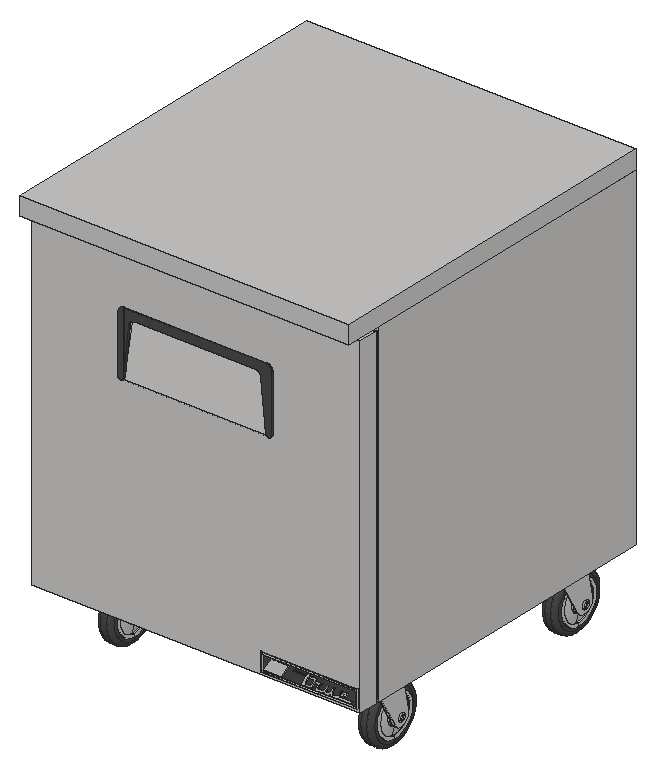
Revit family "QF_TRUE_TUC-27F-HC_cat", category Specialty Equipment, Revit 2016
Family settings
  Part Type = Normal
  Round Connector Dimension = Use Diameter
  Work Plane-Based = No
  Always vertical = Yes
  Cut with Voids When Loaded = No
  Shared = Yes
  Room Calculation Point = No
Parameters
  Weight in Pounds = 190
  Watts = FL Amps * Volts  # 230 W
  Volts = 115 V
  URL Manufacturer = "www.truemfg.com"
  URL = "www.truemfg.com"
  Type Mark [instance] = ""
  Status [instance] = ""
  Specification by User [instance] = ""
  Specification by Manufacturer = ""
  Show Seismic Flanged [instance] = no
  Show Low Profile Model [instance] = no
  Show Logo [instance] = yes
  Show Legs [instance] = no
  Show Clearance [instance] = yes
  Show Default Model [instance] = and(not(Show Seismic Flanged), not(Show ADA Compliant Model), not(Show Low Profile Model), not(Show Legs))  # yes
  Show ADA Compliant Model [instance] = no
  Serial Number = ""
  Seismic Rating = ""
  Seismic Plate [instance] = and(not(Show Default Model), Show Seismic Flanged)  # no
  SMACNA No = ""
  Revision Code [instance] = ""
  Phase = 1
  Omniclass Number and Title = ""
  Number of Poles [instance] = 1
  NAFEM Spec ID Number = ""
  Model = "TUC-27F-HC"
  Min Ckt Ampacity = 0 A
  Max Overcurrent Protection = 0 A
  MasterSpec. = ""
  Manufacturer = "TRUE"
  Low Profile [instance] = and(not(Show Default Model), Show Low Profile Model)  # no
  Length = 27 9/16"
  Legs [instance] = and(not(Show Default Model), or(Show Legs, Show Seismic Flanged))  # no
  Item Number [instance] = ""
  Installed By [instance] = ""
  Identify Quantity as Lot [instance] = yes
  Height = 35 15/16"
  HP = "1/4"
  Furnished By [instance] = ""
  Foodservice Equipment Identifier [instance] = yes
  FL Amps = 2 A
  Electrical Remarks [instance] = ""
  Electric Connection Type [instance] = ""
  Elec Conn RI Height [instance] = 0"
  Elec Conn Connection Height [instance] = 0"
  Description = "SOLID DOOR FREEZER WITH HYDROCARBON REFRIGERANT"
  Depth = 30 1/8"
  Cycle = 60 Hz
  Conn Plug = "NEMA 5-15P"
  Conn Conduit = yes
  CSI MasterFormat = ""
  CSI Master Format = ""
  Base Height [instance] = if(Show Default Model, 6 3/16", if(Legs, 6", if(ADA Compliant Model, 4 1/4", if(Show Low Profile Model, 2 1/8", 6 67/256"))))  # 6 3/16"
  Apparent Power = if(Phase = 3, Volts * FL Amps * 1.73, Volts * FL Amps)  # 230 VA
  ADA Compliant Model [instance] = and(not(Show Default Model), Show ADA Compliant Model)  # no
Reference planes (in)
  plane 1 "BACK": y = -16.5
  plane 2: z = 0
  plane 3 "LEFT": x = 0
  plane 4 "RIGHT": x = 27.5625
  plane 5 "FRONT": y = -47.625
  plane 6 "TOP": z = 35.9375
  plane 7: z = 6.1875
  plane 8: y = -72.40625
  plane 9: y = -46.65748
  plane 10: y = -17.5
  plane 11: y = -21.74082
  plane 12: x = 13.8125
  plane 13: y = -41.06531
Dimensions and locks (in)
  "Length": plane 3 "LEFT" to plane 4 "RIGHT"
  "Depth": plane 5 "FRONT" to plane 10
  "Base Height": plane 7 to level
  plane 1 "BACK" to plane 8 = 55 29/32"
  plane 9 to plane 5 "FRONT" = 0.96752"
  plane 10 to plane 9 = 29.15748"
  plane 4 "RIGHT" to plane 3 "LEFT" = 27 9/16"
  plane 4 "RIGHT" to nested 1 to nested 1 = 8.2372", 7 7/8"
  plane 7 to nested 1 = 1.69291"
  nested 1 to plane 7 = 1.69291"
  plane 8 to plane 5 "FRONT" to plane 10 to plane 1 "BACK" = 24 25/32", 30 1/8", 1"
  plane 8 to plane 1 "BACK" = 55 29/32"
  locked: plane 6 "TOP" to plane 7 at 29.75
  plane 6 "TOP" to level = 35 15/16"
  plane 1 "BACK" to plane 10 = 1"
  aligned and locked: level to plane 2
  aligned and locked: plane 3 "LEFT" to nested 1
  aligned and locked: plane 7 to nested 1
  aligned and locked: nested 1 to plane 7
Nested families (in)
  nested 1: "TUC-27F-HC-LD" at (0, 0, 2.1875), Show Logo <- "Show Logo", Show Clearance <- "Show Clearance", Show Casters <- "Show ADA Compliant Model", type "TUC-27F-HC-LD"
    with Show Logo yes, Show Clearance yes, Show Casters no
  nested 2: "CASTERS & LEGS" at (2.84375, -21.74082, 0), Legs <- "Legs", Seismic Plate <- "Seismic Plate", Show 4.25" Casters <- "ADA Compliant Model", type "CASTERS & LEGS"
    with Type Mark "", Status "", Specification by User "", Show 4.25" Casters no, Seismic Plate no, Revision Code "", Legs no, Item Number "", Installed By "", Identify Quantity as Lot yes, Furnished By "", Foodservice Equipment Identifier yes
  nested 3: "CASTERS & LEGS" at (24.71875, -21.74082, 0), Legs <- "Legs", Seismic Plate <- "Seismic Plate", Show 4.25" Casters <- "ADA Compliant Model", type "CASTERS & LEGS"
    with Type Mark "", Status "", Specification by User "", Show 4.25" Casters no, Seismic Plate no, Revision Code "", Legs no, Item Number "", Installed By "", Identify Quantity as Lot yes, Furnished By "", Foodservice Equipment Identifier yes
  nested 4: "CASTERS & LEGS" at (24.71875, -41.06531, 0), Legs <- "Legs", Seismic Plate <- "Seismic Plate", Show 4.25" Casters <- "ADA Compliant Model", type "CASTERS & LEGS"
    with Type Mark "", Status "", Specification by User "", Show 4.25" Casters no, Seismic Plate no, Revision Code "", Legs no, Item Number "", Installed By "", Identify Quantity as Lot yes, Furnished By "", Foodservice Equipment Identifier yes
  nested 5: "CASTERS & LEGS" at (2.84375, -41.06531, 0), Legs <- "Legs", Seismic Plate <- "Seismic Plate", Show 4.25" Casters <- "ADA Compliant Model", type "CASTERS & LEGS"
    with Type Mark "", Status "", Specification by User "", Show 4.25" Casters no, Seismic Plate no, Revision Code "", Legs no, Item Number "", Installed By "", Identify Quantity as Lot yes, Furnished By "", Foodservice Equipment Identifier yes
  nested 6: "6 INCHES 02_CASTER" at (2.84375, -41.06531, 0), Show Casters <- "Show Default Model", type "6 INCHES 02_CASTER"
    with Type Mark "", Specification by User "", Show Casters yes, Revision Code "", Item Number "", Installed By "", Identify Quantity as Lot yes, Furnished By "", Foodservice Equipment Identifier yes
  nested 7: "6 INCHES 02_CASTER" at (2.84375, -21.74082, 0), Show Casters <- "Show Default Model", type "6 INCHES 02_CASTER"
    with Type Mark "", Specification by User "", Show Casters yes, Revision Code "", Item Number "", Installed By "", Identify Quantity as Lot yes, Furnished By "", Foodservice Equipment Identifier yes
  nested 8: "6 INCHES 02_CASTER" at (24.71875, -41.06531, 0), Show Casters <- "Show Default Model", type "6 INCHES 02_CASTER"
    with Type Mark "", Specification by User "", Show Casters yes, Revision Code "", Item Number "", Installed By "", Identify Quantity as Lot yes, Furnished By "", Foodservice Equipment Identifier yes
  nested 9: "6 INCHES 02_CASTER" at (24.71875, -21.74082, 0), Show Casters <- "Show Default Model", type "6 INCHES 02_CASTER"
    with Type Mark "", Specification by User "", Show Casters yes, Revision Code "", Item Number "", Installed By "", Identify Quantity as Lot yes, Furnished By "", Foodservice Equipment Identifier yes
  nested 10: "LOW PROFILE CASTERS" at (2.84375, -21.74082, 0), Show Casters <- "Low Profile", type "LOW PROFILE CASTERS"
    with Type Mark "", Status "", Specification by User "", Show Casters no, Revision Code "", Item Number "", Installed By "", Identify Quantity as Lot yes, Furnished By "", Foodservice Equipment Identifier yes
  nested 11: "LOW PROFILE CASTERS" at (24.71875, -41.06531, 0), Show Casters <- "Low Profile", type "LOW PROFILE CASTERS"
    with Type Mark "", Status "", Specification by User "", Show Casters no, Revision Code "", Item Number "", Installed By "", Identify Quantity as Lot yes, Furnished By "", Foodservice Equipment Identifier yes
  nested 12: "LOW PROFILE CASTERS" at (2.84375, -41.06531, 0), Show Casters <- "Low Profile", type "LOW PROFILE CASTERS"
    with Type Mark "", Status "", Specification by User "", Show Casters no, Revision Code "", Item Number "", Installed By "", Identify Quantity as Lot yes, Furnished By "", Foodservice Equipment Identifier yes
  nested 13: "LOW PROFILE CASTERS" at (24.71875, -21.74082, 0), Show Casters <- "Low Profile", type "LOW PROFILE CASTERS"
    with Type Mark "", Status "", Specification by User "", Show Casters no, Revision Code "", Item Number "", Installed By "", Identify Quantity as Lot yes, Furnished By "", Foodservice Equipment Identifier yes
Connectors (in)
  electrical at (24.12821, -17.4375, 11.9375), driven by "Volts", driven by "Watts"
    settings: on nested 1, index 1, voltage 115 V, apparent load 230 VA, apparent load phase1 0 VA, apparent load phase2 0 VA, apparent load phase3 0 VA, power factor 1, load classification "Other", number of poles 1, system type 30, power factor state 1, is connector primary yes, connector utility no, sub classification motor no, connector description "ELECTRICAL CONNECTION"
Definition of nested family "TUC-27F-HC-LD"
  Parameters (values of type "TUC-27G-HC-LD-SPEC1")
    URL = ""
    Show Logo [instance] = yes
    Show Clearance [instance] = yes
    Show Casters [instance] = yes
    Model = ""
    Manufacturer = ""
    Description = ""
    Assembly Code = ""
  Reference planes (in)
    plane 1 "BACK": y = -16.5
    plane 2: z = 0
    plane 3 "LEFT": x = 0
    plane 4 "RIGHT": x = 27.6378
    plane 5 "FRONT": y = -48.19291
    plane 6 "TOP": z = 33.76378
    plane 7: z = 4
    plane 8: y = -41.06531
    plane 9: x = 13.8125
    plane 10: y = -17.5
    plane 11: y = -47.625
    plane 12: y = -49.49213
    plane 13: y = -72.625
    plane 14: z = 27.63
    plane 15: z = 22.15093
  Forms (in)
    Extrusion 1, solid
      sketch origin (0, -1, -2.25) x (0, 1, 0) y (0, 0, 1)
        loop
          line (-46.625, 36.01378) -> (-46.625, 34.5) -> (-16.5, 34.5) -> (-16.5, 36.01378) -> (-46.625, 36.01378)
      from 0 to 27.6378
    Extrusion 2, solid
      sketch origin (0, -1, -2.25) x (0, 1, 0) y (0, 0, 1)
        loop
          line (-18.5, 34.5) -> (-18.5, 6.25) -> (-16.5, 6.25) -> (-16.5, 34.5) -> (-18.5, 34.5)
      from 0 to 27.6378
    Extrusion 3, solid
      sketch origin (0, -13.375, -2.25) x (1, 0, 0) y (0, 0, 1)
        loop
          line (27.625, 6.25) -> (27.625, 34.28323) -> (0, 34.28323) -> (0, 6.25) -> (27.625, 6.25)
      from 31.44201 to 33.06791
    Extrusion 4, solid
      sketch origin (0, -16.5, -2.25) x (1, 0, 0) y (0, 0, 1)
        loop
          line (11.4503, 6.25) -> (11.4503, 4.55709) -> (19.3253, 4.55709) -> (19.3253, 6.25) -> (11.4503, 6.25)
      from 1.69409 to 25.59055
    Extrusion 5, solid
      sketch origin (-1.16554, -17.4375, -2.25) x (1, 0, 0) y (0, 0, 1)
        loop
          circle (25.29375, 12) r 0.25
      from 0 to 0.0625
    Revolve 6, solid
      sketch origin (0, -16.5155, 21) x (1, 0, 0) y (0, 1, 0)
        loop
          line (21.85203, -1.00812) -> (22.32078, -1.00812) -> (22.32078, 0.0155) -> (21.85203, 0.0155) -> (21.85203, -1.00812)
        axis (21.85203, -1.00812) -> (21.85203, 0.0155)
      angle from 0 to 360
    Revolve 7, solid
      sketch origin (-12.93057, -16.5155, 21) x (1, 0, 0) y (0, 1, 0)
        loop
          line (18.64104, -1.00812) -> (19.10979, -1.00812) -> (19.10979, 0.0155) -> (18.64104, 0.0155) -> (18.64104, -1.00812)
        axis (18.64104, -1.00812) -> (18.64104, 0.0155)
      angle from 0 to 360
    Extrusion 8, solid, visible <- "Show Clearance", detail levels coarse
      sketch origin (17.8682, -37.72639, 0) x (-1, 0, 0) y (0, -1, 0)
        loop
          line (-9.7568, 8.71653) -> (17.83136, 8.71653)
          arc (17.83136, 8.71653) -> (9.26611, 27.32206) -> (-9.7568, 34.91535) r 27.625
          line (-9.7568, 34.91535) -> (-9.7568, 8.71653)
      from 4 to 32.03323
    Extrusion 9, solid
      sketch origin (0, -13.375, -2.25) x (1, 0, 0) y (0, 0, 1)
        loop
          line (27.6378, 6.25) -> (27.6378, 34.5) -> (0, 34.5) -> (0, 6.25) -> (27.6378, 6.25)
        loop
          line (2, 32.28323) -> (2, 8.25) -> (25.625, 8.25) -> (25.625, 32.28323) -> (2, 32.28323)
      from 6.125 to 31.12
    Extrusion 10, solid
      sketch origin (0, -13.375, -2.25) x (1, 0, 0) y (0, 0, 1)
        loop
          line (27.5, 34.15823) -> (0.16184, 34.15823) -> (0.16184, 6.375) -> (27.5, 6.375) -> (27.5, 34.15823)
        loop
          line (1.875, 32.40823) -> (1.875, 8.125) -> (25.75, 8.125) -> (25.75, 32.40823) -> (1.875, 32.40823)
      from 31.44201 to 31.12
    Extrusion 11, void
      sketch origin (13.8125, -13.85001, 48) x (0, -1, 0) y (0, 0, 1)
        loop
          line (32.59291, -20.37) -> (31.52391, -20.37) -> (32.59291, -25.84907) -> (32.59291, -20.37)
      from -6 to 6
    Extrusion 12, solid
      sketch origin (1.8125, -46.44291, 0) x (1, 0, 0) y (0, 0, 1)
        loop
          line (5.52833, 27.13) -> (5.52833, 22.36054)
          arc (5.52833, 22.36054) -> (5.74774, 22.11831) -> (6.01044, 22.31274) r 0.24342
          line (6.01044, 22.31274) -> (6.44945, 26.42717)
          arc (6.44945, 26.42717) -> (6.61215, 26.74648) -> (6.94671, 26.87491) r 0.5
          line (6.94671, 26.87491) -> (17.05329, 26.87491)
          arc (17.05329, 26.87491) -> (17.38785, 26.74648) -> (17.55055, 26.42717) r 0.5
          line (17.55055, 26.42717) -> (17.98956, 22.31274)
          arc (17.98956, 22.31274) -> (18.25226, 22.11831) -> (18.47166, 22.36054) r 0.24342
          line (18.47166, 22.36054) -> (18.47166, 27.13)
          arc (18.47166, 27.13) -> (18.32522, 27.48356) -> (17.97166, 27.63) r 0.5
          line (17.97166, 27.63) -> (6.02833, 27.63)
          arc (6.02833, 27.63) -> (5.67478, 27.48356) -> (5.52833, 27.13) r 0.5
      from 0 to 0.0625
  Cuts and joins
    joined: Extrusion 2, Extrusion 9
    Extrusion 11 cuts Extrusion 3
    Extrusion 11 cuts Extrusion 8
  Lines and regions (in)
    symbolic lines
      curve 1: line (5.24172, -16.5, 0) -> (6.17922, -16.5, 0)
      curve 2: line (6.17922, -16.5, 0) -> (6.17922, -17.52362, 0)
      curve 3: line (5.24172, -16.5, 0) -> (5.24172, -17.52362, 0)
      curve 4: line (22.32078, -16.5, 0) -> (21.38328, -16.5, 0)
      curve 5: line (21.38328, -16.5, 0) -> (21.38328, -17.52362, 0)
      curve 6: line (22.32078, -16.5, 0) -> (22.32078, -17.52362, 0)
      curve 7: line (27.6378, -47.625, 0) -> (0, -47.625, 0)
      curve 8: line (27.6378, -17.5, 0) -> (27.6378, -47.625, 0)
      curve 9: line (0, -17.5, 0) -> (27.6378, -17.5, 0)
      curve 10: line (0, -47.625, 0) -> (0, -17.5, 0)
      curve 11: line (0.5, -47.625, 0) -> (0.5, -48.19291, 0)
      curve 12: line (0.5, -48.19291, 0) -> (1.5, -48.19291, 0)
      curve 13: line (1.5, -48.19291, 0) -> (1.5, -47.625, 0)
      curve 14: line (4.34253, -59.88506, 0) -> (25.57757, -47.625, 0)
      curve 15: arc (0.12341, -47.625, 0) -> (1.5035, -54.00606, 0) -> (4.34253, -59.88506, 0) r 27.625
  Dimensions and locks (in)
    plane 3 "LEFT" to plane 4 "RIGHT" = 27.6378"
    plane 4 "RIGHT" to plane 3 "LEFT" = 27.6378"
    plane 6 "TOP" to level = 33.76378"
    plane 5 "FRONT" to plane 1 "BACK" = 31.69291"
    plane 7 to level = 4"
    locked: plane 6 "TOP" to plane 7 at 29.76378  (x2)
    plane 4 "RIGHT" to Extrusion 4 to Extrusion 4 = 8 5/16", 7 7/8"
    plane 11 to plane 10 to plane 1 "BACK" = 30 1/8", 1"
    plane 13 to plane 1 "BACK" = 56 1/8"
    Extrusion 4 to plane 3 "LEFT" = 19.3253"
    Extrusion 4 sketch curve to plane 4 "RIGHT" = 8 5/16"
    plane 13 to plane 11 = 25"
    plane 10 to plane 11 = 30 1/8"
    plane 1 "BACK" to plane 13 = 56 1/8"
    aligned and locked: level to plane 2
    aligned and locked: plane 4 "RIGHT" to Extrusion 1
    aligned and locked: Extrusion 4 to Extrusion 3
  Nested families (in)
    nested 1: "QF_LOGO_TRUE" at (19.3253, -46.44291, 4.25), Show Logo <- "Show Logo", type "QF_LOGO_TRUE", detail levels medium+fine
      with Show Logo yes
  Definition of nested family "QF_LOGO_TRUE"
    Parameters (values of type "QF_LOGO_TRUE")
      Show Logo [instance] = yes
    Reference planes (in)
      plane 1 "Center (Front/Back)": y = 0
      plane 2: z = 0
      plane 3 "Center (Left/Right)": x = 0
    Forms (in)
      Extrusion 1, solid, visible <- "Show Logo"
        sketch origin (-78.34647, 34.76905, -30.51001) x (1, 0, 0) y (0, 0, 1)
          loop
            line (81.15226, 31.65456) -> (81.07353, 31.48573) -> (82.12083, 31.48573)
            arc (82.12083, 31.48573) -> (82.14208, 31.44814) -> (82.12083, 31.41055) r 0.04386
            line (82.12083, 31.41055) -> (81.84767, 30.82478)
            arc (81.84767, 30.82478) -> (81.84531, 30.77052) -> (81.882, 30.73048) r 0.07096
            line (81.882, 30.73048) -> (82.55165, 30.73048)
            arc (82.55165, 30.73048) -> (82.63621, 30.75714) -> (82.69019, 30.82748) r 0.14742
            line (82.69019, 30.82748) -> (82.90515, 31.28847) -> (83.10265, 31.28847)
            arc (83.10265, 31.28847) -> (83.15447, 31.26942) -> (83.14697, 31.21472) r 0.04405
            line (83.14697, 31.21472) -> (82.9671, 30.82899)
            arc (82.9671, 30.82899) -> (82.9699, 30.76493) -> (83.02398, 30.73048) r 0.06943
            line (83.02398, 30.73048) -> (83.6124, 30.73048)
            arc (83.6124, 30.73048) -> (83.65748, 30.74689) -> (83.68147, 30.78844) r 0.07014
            arc (83.68147, 30.78844) -> (83.69845, 30.74745) -> (83.73943, 30.73048) r 0.05796
            line (83.73943, 30.73048) -> (84.112, 30.73048)
            arc (84.112, 30.73048) -> (84.15504, 30.74201) -> (84.18655, 30.77352) r 0.08608
            arc (84.18655, 30.77352) -> (84.20164, 30.7371) -> (84.23806, 30.72202) r 0.0515
            line (84.23806, 30.72202) -> (84.76757, 30.72202)
            arc (84.76757, 30.72202) -> (84.81086, 30.73995) -> (84.8288, 30.78324) r 0.06122
            arc (84.8288, 30.78324) -> (84.86848, 30.74355) -> (84.92269, 30.72903) r 0.10842
            line (84.92269, 30.72903) -> (85.91461, 30.72903) -> (86.02479, 30.91987) -> (85.0243, 30.91987)
            arc (85.0243, 30.91987) -> (84.99669, 30.93902) -> (84.99566, 30.97261) r 0.03732
            line (84.99566, 30.97261) -> (85.01297, 31.00972)
            arc (85.01297, 31.00972) -> (85.03954, 31.04453) -> (85.0813, 31.05774) r 0.07263
            line (85.0813, 31.05774) -> (85.40289, 31.05774)
            arc (85.40289, 31.05774) -> (85.4723, 31.07633) -> (85.52311, 31.12715) r 0.13882
            line (85.52311, 31.12715) -> (85.61625, 31.28847)
            arc (85.61625, 31.28847) -> (85.61625, 31.37458) -> (85.54168, 31.41763) r 0.08611
            line (85.54168, 31.41763) -> (85.20227, 31.41763)
            arc (85.20227, 31.41763) -> (85.11574, 31.40294) -> (85.05538, 31.33923) r 0.13863
            line (85.05538, 31.33923) -> (84.89409, 30.99333)
            arc (84.89409, 30.99333) -> (84.84649, 30.9313) -> (84.77191, 30.90778) r 0.13002
            line (84.77191, 30.90778) -> (84.41984, 30.90778)
            arc (84.41984, 30.90778) -> (84.3777, 30.95378) -> (84.38042, 31.0161) r 0.08151
            line (84.38042, 31.0161) -> (84.56766, 31.41763) -> (84.44849, 31.41763) -> (84.25012, 30.99222)
            arc (84.25012, 30.99222) -> (84.21158, 30.94199) -> (84.15119, 30.92296) r 0.10527
            line (84.15119, 30.92296) -> (83.90842, 30.92296)
            arc (83.90842, 30.92296) -> (83.8674, 30.97642) -> (83.87619, 31.04323) r 0.08805
            line (83.87619, 31.04323) -> (84.05078, 31.41763) -> (83.92772, 31.41763) -> (83.72676, 30.98668)
            arc (83.72676, 30.98668) -> (83.68011, 30.94003) -> (83.61639, 30.92296) r 0.12745
            line (83.61639, 30.92296) -> (83.26484, 30.92296)
            arc (83.26484, 30.92296) -> (83.2017, 30.9524) -> (83.19563, 31.0218) r 0.06967
            line (83.19563, 31.0218) -> (83.31118, 31.26961) -> (83.47452, 31.26961)
            arc (83.47452, 31.26961) -> (83.50209, 31.35268) -> (83.56075, 31.41763) r 0.21289
            line (83.56075, 31.41763) -> (82.92244, 31.41763)
            arc (82.92244, 31.41763) -> (82.85151, 31.40191) -> (82.80242, 31.34834) r 0.12081
            line (82.80242, 31.34834) -> (82.6294, 30.9773)
            arc (82.6294, 30.9773) -> (82.58962, 30.93752) -> (82.53528, 30.92296) r 0.10869
            line (82.53528, 30.92296) -> (82.1542, 30.92296)
            arc (82.1542, 30.92296) -> (82.12446, 30.96315) -> (82.13012, 31.01283) r 0.06822
            line (82.13012, 31.01283) -> (82.38156, 31.48573) -> (83.01596, 31.48573) -> (83.09469, 31.65456) -> (82.46029, 31.65456) -> (82.53902, 31.8234) -> (82.31334, 31.8234) -> (82.23461, 31.65456) -> (81.15226, 31.65456)
          loop
            arc (85.15937, 31.26434) -> (85.13191, 31.25698) -> (85.1118, 31.23688) r 0.05494
            line (85.1118, 31.23688) -> (85.09547, 31.18665)
            arc (85.09547, 31.18665) -> (85.10304, 31.16837) -> (85.12133, 31.16079) r 0.02586
            line (85.12133, 31.16079) -> (85.39889, 31.16079)
            arc (85.39889, 31.16079) -> (85.41888, 31.16523) -> (85.43513, 31.1777) r 0.04731
            line (85.43513, 31.1777) -> (85.44863, 31.2402)
            arc (85.44863, 31.2402) -> (85.44466, 31.25693) -> (85.42914, 31.26434) r 0.01994
            line (85.42914, 31.26434) -> (85.15937, 31.26434)
          loop
            line (78.62961, 30.74125) -> (80.12032, 30.74125) -> (80.73891, 31.81268) -> (79.2482, 31.81268) -> (78.62961, 30.74125)
        from 34.76797 to 34.83173
      Extrusion 2, solid, visible <- "Show Logo"
        sketch origin (-142.84857, 34.75108, -33.3546) x (1, 0, 0) y (0, 0, 1)
          loop
            line (150.81107, 34.71978) -> (142.98607, 34.71978) -> (142.98607, 33.4921) -> (150.81107, 33.4921) -> (150.81107, 34.71978)
        from 34.75108 to 34.78125
      Extrusion 3, solid, visible <- "Show Logo"
        sketch origin (-142.84857, 34.75108, -33.3546) x (1, 0, 0) y (0, 0, 1)
          loop
            line (150.94857, 34.85727) -> (142.84857, 34.85727) -> (142.84857, 33.3546) -> (150.94857, 33.3546) -> (150.94857, 34.85727)
          loop
            line (142.98607, 34.71978) -> (142.98607, 33.4921) -> (150.81107, 33.4921) -> (150.81107, 34.71978) -> (142.98607, 34.71978)
        from 34.75108 to 34.81376
      Extrusion 4, solid, not visible
        sketch origin (121.45701, -16.5, 4.98235) x (1, 0, 0) y (0, 0, 1)
          loop
            line (25.20115, 35.89949) -> (25.20115, 33.96647) -> (30.95381, 33.96647) -> (30.95381, 35.89949) -> (25.20115, 35.89949)
        from 31.5 to 31.54261
      Extrusion 5, solid, not visible
        sketch origin (121.45701, -16.5, 4.98235) x (1, 0, 0) y (0, 0, 1)
          loop
            line (26.7387, 34.95472) -> (26.61492, 34.49276) -> (27.038, 34.49276)
            arc (27.038, 34.49276) -> (27.13117, 34.52484) -> (27.18485, 34.60749) r 0.15134
            arc (27.18485, 34.60749) -> (27.20396, 34.68138) -> (27.22435, 34.75493) r 4.37326
            arc (27.22435, 34.75493) -> (27.23458, 34.81765) -> (27.22435, 34.88037) r 0.1974
            arc (27.22435, 34.88037) -> (27.18247, 34.93579) -> (27.11563, 34.95472) r 0.10914
            line (27.11563, 34.95472) -> (26.7387, 34.95472)
          loop
            line (26.90201, 34.80638) -> (26.84645, 34.59903) -> (26.92855, 34.59903)
            arc (26.92855, 34.59903) -> (26.98205, 34.6185) -> (27.01051, 34.6678) r 0.08322
            line (27.01051, 34.6678) -> (27.02399, 34.74424)
            arc (27.02399, 34.74424) -> (27.01491, 34.78454) -> (26.97985, 34.80638) r 0.05353
            line (26.97985, 34.80638) -> (26.90201, 34.80638)
          loop
            line (27.45336, 34.66131) -> (27.76233, 34.66131) -> (27.78859, 34.73909)
            arc (27.78859, 34.73909) -> (27.7878, 34.82039) -> (27.73107, 34.87864) r 0.10925
            arc (27.73107, 34.87864) -> (27.68233, 34.8944) -> (27.63139, 34.89974) r 0.24595
            line (27.63139, 34.89974) -> (27.46708, 34.89974)
            arc (27.46708, 34.89974) -> (27.4068, 34.88073) -> (27.3535, 34.84677) r 0.2421
            arc (27.3535, 34.84677) -> (27.2897, 34.76363) -> (27.26702, 34.66131) r 0.2421
            line (27.26702, 34.66131) -> (27.26702, 34.54477)
            arc (27.26702, 34.54477) -> (27.31618, 34.4956) -> (27.38334, 34.47761) r 0.13431
            line (27.38334, 34.47761) -> (27.59054, 34.47761)
            arc (27.59054, 34.47761) -> (27.63459, 34.48281) -> (27.67622, 34.49812) r 0.18924
            line (27.67622, 34.49812) -> (27.73102, 34.61563)
            arc (27.73102, 34.61563) -> (27.68453, 34.59565) -> (27.63566, 34.58252) r 0.35376
            arc (27.63566, 34.58252) -> (27.55885, 34.56956) -> (27.48204, 34.58252) r 0.23415
            arc (27.48204, 34.58252) -> (27.44492, 34.61362) -> (27.45336, 34.66131) r 0.04838
          loop
            line (27.4842, 34.73042) -> (27.62012, 34.73042) -> (27.62621, 34.76496)
            arc (27.62621, 34.76496) -> (27.58961, 34.80242) -> (27.53739, 34.80638) r 0.0742
            arc (27.53739, 34.80638) -> (27.49747, 34.77773) -> (27.4842, 34.73042) r 0.0742
          loop
            line (27.91616, 34.97572) -> (27.78675, 34.49276) -> (27.98645, 34.49276) -> (28.11586, 34.97572) -> (27.91616, 34.97572)
          loop
            line (28.13678, 34.66131) -> (28.08755, 34.47761) -> (28.27134, 34.47761) -> (28.32056, 34.66131) -> (28.43674, 34.66131) -> (28.47974, 34.78864) -> (28.36519, 34.78864)
            arc (28.36519, 34.78864) -> (28.35733, 34.81649) -> (28.36921, 34.84288) r 0.04231
            arc (28.36921, 34.84288) -> (28.431, 34.8652) -> (28.49617, 34.85686) r 0.13988
            line (28.49617, 34.85686) -> (28.53544, 34.97317)
            arc (28.53544, 34.97317) -> (28.39725, 34.99096) -> (28.25905, 34.97317) r 0.54546
            arc (28.25905, 34.97317) -> (28.20849, 34.91994) -> (28.18197, 34.85147) r 0.1894
            line (28.18197, 34.85147) -> (28.17089, 34.78864) -> (28.11397, 34.78864) -> (28.07985, 34.66131) -> (28.13678, 34.66131)
          loop
            arc (28.74846, 34.89756) -> (28.65884, 34.88533) -> (28.56922, 34.89756) r 0.33455
            line (28.56922, 34.89756) -> (28.45669, 34.47761) -> (28.63593, 34.47761) -> (28.74846, 34.89756)
          loop
            arc (28.60398, 35.01195) -> (28.57699, 34.97173) -> (28.60398, 34.9315) r 0.04347
            line (28.60398, 34.9315) -> (28.75755, 34.9315)
            arc (28.75755, 34.9315) -> (28.78645, 34.96687) -> (28.77911, 35.01195) r 0.0556
            line (28.77911, 35.01195) -> (28.60398, 35.01195)
          loop
            line (28.95336, 34.66131) -> (29.26233, 34.66131) -> (29.28859, 34.73909)
            arc (29.28859, 34.73909) -> (29.2878, 34.82039) -> (29.23107, 34.87864) r 0.10925
            arc (29.23107, 34.87864) -> (29.18233, 34.8944) -> (29.13139, 34.89974) r 0.24595
            line (29.13139, 34.89974) -> (28.96708, 34.89974)
            arc (28.96708, 34.89974) -> (28.9068, 34.88073) -> (28.8535, 34.84677) r 0.2421
            arc (28.8535, 34.84677) -> (28.7897, 34.76363) -> (28.76702, 34.66131) r 0.2421
            line (28.76702, 34.66131) -> (28.76702, 34.54477)
            arc (28.76702, 34.54477) -> (28.81618, 34.4956) -> (28.88334, 34.47761) r 0.13431
            line (28.88334, 34.47761) -> (29.09054, 34.47761)
            arc (29.09054, 34.47761) -> (29.13459, 34.48281) -> (29.17622, 34.49812) r 0.18924
            line (29.17622, 34.49812) -> (29.23102, 34.61563)
            arc (29.23102, 34.61563) -> (29.18453, 34.59565) -> (29.13566, 34.58252) r 0.35376
            arc (29.13566, 34.58252) -> (29.05885, 34.56956) -> (28.98204, 34.58252) r 0.23415
            arc (28.98204, 34.58252) -> (28.94492, 34.61362) -> (28.95336, 34.66131) r 0.04838
          loop
            line (28.9842, 34.73042) -> (29.12012, 34.73042) -> (29.12621, 34.76496)
            arc (29.12621, 34.76496) -> (29.08961, 34.80242) -> (29.03739, 34.80638) r 0.0742
            arc (29.03739, 34.80638) -> (28.99747, 34.77773) -> (28.9842, 34.73042) r 0.0742
          loop
            line (29.41616, 34.97572) -> (29.28675, 34.49276) -> (29.48645, 34.49276) -> (29.61586, 34.97572) -> (29.41616, 34.97572)
          loop
            line (29.99836, 34.97572) -> (29.95192, 34.80242)
            arc (29.95192, 34.80242) -> (29.94473, 34.85705) -> (29.90102, 34.89059) r 0.07199
            arc (29.90102, 34.89059) -> (29.80023, 34.89941) -> (29.70251, 34.87322) r 0.29131
            arc (29.70251, 34.87322) -> (29.61806, 34.7652) -> (29.5896, 34.63108) r 0.30433
            line (29.5896, 34.63108) -> (29.5896, 34.55572)
            arc (29.5896, 34.55572) -> (29.61075, 34.50463) -> (29.66184, 34.48348) r 0.07224
            line (29.66184, 34.48348) -> (29.78537, 34.48348)
            arc (29.78537, 34.48348) -> (29.83854, 34.51313) -> (29.88504, 34.55243) r 0.31609
            line (29.88504, 34.55243) -> (29.86905, 34.49276) -> (30.05973, 34.49276) -> (30.18914, 34.97572) -> (29.99836, 34.97572)
          loop
            arc (29.84537, 34.75931) -> (29.79424, 34.71128) -> (29.77745, 34.64317) r 0.12371
            arc (29.77745, 34.64317) -> (29.80071, 34.59901) -> (29.85056, 34.59647) r 0.05045
            arc (29.85056, 34.59647) -> (29.90141, 34.64047) -> (29.92536, 34.7033) r 0.13769
            arc (29.92536, 34.7033) -> (29.90211, 34.75521) -> (29.84537, 34.75931) r 0.05543
          loop
            line (26.45047, 35.26762) -> (26.58211, 35.26762)
            arc (26.58211, 35.26762) -> (26.60467, 35.30821) -> (26.62126, 35.35157) r 0.3277
            arc (26.62126, 35.35157) -> (26.62714, 35.39992) -> (26.60877, 35.44503) r 0.09693
            arc (26.60877, 35.44503) -> (26.56454, 35.48868) -> (26.50462, 35.50516) r 0.12312
            arc (26.50462, 35.50516) -> (26.44158, 35.50565) -> (26.37854, 35.50546) r 5.76967
            arc (26.37854, 35.50546) -> (26.07462, 35.42923) -> (25.81045, 35.26076) r 0.97743
            line (25.81045, 35.26076) -> (25.85921, 35.26076)
            arc (25.85921, 35.26076) -> (26.08494, 35.39361) -> (26.3396, 35.45485) r 0.88817
            arc (26.3396, 35.45485) -> (26.41429, 35.44188) -> (26.47267, 35.39352) r 0.14748
            arc (26.47267, 35.39352) -> (26.48041, 35.32725) -> (26.45047, 35.26762) r 0.11636
          loop
            arc (26.35412, 35.17841) -> (26.19578, 35.0555) -> (26.00982, 34.98069) r 0.72453
            arc (26.00982, 34.98069) -> (25.9036, 34.95581) -> (25.79459, 34.9604) r 0.40201
            arc (25.79459, 34.9604) -> (25.7275, 34.98819) -> (25.69972, 35.05528) r 0.09488
            arc (25.69972, 35.05528) -> (25.71867, 35.12629) -> (25.77049, 35.17841) r 0.1425
            line (25.77049, 35.17841) -> (25.73665, 35.18748)
            arc (25.73665, 35.18748) -> (25.67632, 35.09876) -> (25.66924, 34.99171) r 0.20432
            arc (25.66924, 34.99171) -> (25.71443, 34.9227) -> (25.79473, 34.90384) r 0.11116
            arc (25.79473, 34.90384) -> (25.91172, 34.89904) -> (26.02716, 34.91862) r 0.56145
            arc (26.02716, 34.91862) -> (26.27675, 35.021) -> (26.49584, 35.17841) r 1.15683
            line (26.49584, 35.17841) -> (26.35412, 35.17841)
        from 31.54261 to 31.56272
    Dimensions and locks (in)
      aligned and locked: level to plane 2
      aligned and locked: Extrusion 2 to Extrusion 3  (x2)
      aligned and locked: Extrusion 2 sketch curve to Extrusion 3
Definition of nested family "6 INCHES 02_CASTER"
  Parameters (values of type "6 INCHES 02_CASTER")
    Weight = ""
    URL Manufacturer = ""
    URL Cutsheet = ""
    URL = ""
    Type Mark [instance] = ""
    Specification by User [instance] = ""
    Specification by Manufacturer = ""
    Show Casters [instance] = yes
    Serial Number = ""
    Seismic Rating = ""
    SMACNA No = ""
    Revision Code [instance] = ""
    Omniclass Number and Title = ""
    NAFEM Spec ID Number = ""
    Model = ""
    MasterSpec. = ""
    Manufacturer = ""
    Item Number [instance] = ""
    Installed By [instance] = ""
    Identify Quantity as Lot [instance] = yes
    Furnished By [instance] = ""
    Foodservice Equipment Identifier [instance] = yes
    Description = ""
    CSI MasterFormat = ""
    CSI Master Format = ""
  Reference planes (in)
    plane 1 "BACK": y = 0
    plane 2: z = 0
    plane 3 "LEFT": x = 0
    plane 4 "RIGHT": x = 0
    plane 5 "FRONT": y = 0
    plane 6 "TOP": z = 6.25
  Forms (in)
    Revolve 1, solid, visible <- "Show Casters"
      sketch origin (-2.21793, 0, -0.25) x (-1, 0, 0) y (0, 0, 1)
        loop
          line (-2.21793, 6) -> (-2.21793, 5.55584) -> (-0.93693, 5.55584) -> (-0.93693, 6) -> (-2.21793, 6)
        axis (-2.21793, 5.55584) -> (-2.21793, 6)
      angle from 0 to 360
    Extrusion 2, solid, visible <- "Show Casters"
      sketch origin (0.25594, 2.08988, -0.1875) x (0, 1, 0) y (0, 0, 1)
        loop
          line (-3.37793, 5.49334) -> (-3.37793, 5.24334) -> (-1.67236, 2.30765)
          arc (-1.67236, 2.30765) -> (-0.65502, 1.97635) -> (-0.25363, 2.96812) r 0.78437
          line (-0.25363, 2.96812) -> (-0.80182, 5.49334) -> (-3.37793, 5.49334)
      from 0.78968 to 0.90247
    Extrusion 3, solid, visible <- "Show Casters"
      sketch origin (0, 0, 5.75) x (0, 1, 0) y (-1, 0, 0)
        loop
          circle (0, 0) r 0.75
      from 0 to 0.5
    Extrusion 4, solid, visible <- "Show Casters"
      sketch origin (-0.25594, 2.08988, -0.1875) x (0, 1, 0) y (0, 0, -1)
        loop
          line (-3.37793, -5.24334) -> (-3.37793, -5.49334) -> (-0.80182, -5.49334) -> (-0.25363, -2.96812)
          arc (-0.25363, -2.96812) -> (-0.65502, -1.97635) -> (-1.67236, -2.30765) r 0.78437
          line (-1.67236, -2.30765) -> (-3.37793, -5.24334)
      from 0.78968 to 0.90247
    Extrusion 5, solid, visible <- "Show Casters"
      sketch origin (0, -0.12806, 0.75) x (0, 1, 0) y (0, 0, 1)
        loop
          line (-1.16, 4.55584) -> (-1.16, 4.30584) -> (1.41611, 4.30584) -> (1.41611, 4.55584) -> (-1.16, 4.55584)
      from -1.04562 to 1.04562
    Revolve 6, solid, visible <- "Show Casters"
      sketch origin (-1.9375, 1.11772, -0.12802) x (1, 0, 0) y (0, 0, 1)
        loop
          line (0.5843, 2.5666) -> (0.5843, 2.4286) -> (0.6343, 2.3786) -> (0.6943, 2.3786) -> (0.6943, 2.2429) -> (1.1725, 2.2429) -> (1.1725, 1.84743) -> (1.30191, 1.77271) -> (1.42647, 1.00302) -> (1.28125, 1.00302) -> (1.28125, 0.75302) -> (1.3125, 0.75302) -> (1.3125, 0.50302)
          arc (1.3125, 0.50302) -> (1.42233, 0.23785) -> (1.6875, 0.12802) r 0.375
          line (1.6875, 0.12802) -> (2.1875, 0.12802)
          arc (2.1875, 0.12802) -> (2.45267, 0.23785) -> (2.5625, 0.50302) r 0.375
          line (2.5625, 0.50302) -> (2.5625, 0.75302) -> (2.59375, 0.75302) -> (2.59375, 1.00302) -> (2.44853, 1.00302) -> (2.57366, 1.77622) -> (2.7025, 1.85061) -> (2.7025, 2.2429) -> (3.1807, 2.2429) -> (3.1807, 2.3786) -> (3.2407, 2.3786) -> (3.2907, 2.4286) -> (3.2907, 2.5666) -> (0.5843, 2.5666)
        axis (0.5843, 2.5666) -> (3.2907, 2.5666)
      angle from 0 to 360
  Cuts and joins
    joined: Extrusion 2, Extrusion 4, Extrusion 5
  Lines and regions (in)
    symbolic lines, visible <- "Show Casters"
      curve 1: line (0.45873, 2.04243, 0) -> (1.54127, 1.41743, 0)
      curve 2: line (-1.54127, -1.42167, 0) -> (-0.79127, -0.12263, 0)
      curve 3: line (-0.45873, -2.04667, 0) -> (-1.54127, -1.42167, 0)
      curve 4: line (1.54127, 1.41743, 0) -> (0.79127, 0.11839, 0)
      curve 5: line (-0.29127, 0.74339, 0) -> (0.45873, 2.04243, 0)
      curve 6: line (0.29127, -0.74763, 0) -> (-0.45873, -2.04667, 0)
  Dimensions and locks (in)
    plane 6 "TOP" to level = 6 1/4"  (x2)
    aligned and locked: level to plane 2
Definition of nested family "CASTERS & LEGS"
  Parameters
    Weight = ""
    URL Manufacturer = ""
    URL Cutsheet = ""
    URL = ""
    Type Mark [instance] = ""
    Status [instance] = ""
    Specification by User [instance] = ""
    Specification by Manufacturer = ""
    Show 4.25" Casters [instance] = yes
    Serial Number = ""
    Seismic Rating = ""
    Seismic Plate [instance] = yes
    SMACNA No = ""
    Revision Code [instance] = ""
    Omniclass Number and Title = ""
    NAFEM Spec ID Number = ""
    Model = ""
    MasterSpec. = ""
    Manufacturer = ""
    Legs [instance] = yes
    Item Number [instance] = ""
    Installed By [instance] = ""
    Identify Quantity as Lot [instance] = yes
    Furnished By [instance] = ""
    Foodservice Equipment Identifier [instance] = yes
    Description = ""
    CSI MasterFormat = ""
    CSI Master Format = ""
    Assembly Code = ""
  Reference planes (in)
    plane 1: z = 0
    plane 2 "RIGHT": x = 0
    plane 3 "FRONT": y = 0
    plane 4 "TOP": z = 4.25
  Forms (in)
    Revolve 1, solid, visible <- "Show 4.25" Casters"
      sketch origin (-1.93794, 0.83816, -1.0041) x (1, 0, 0) y (0, 0, 1)
        loop
          line (0.74055, 2.2541) -> (3.15007, 2.2541) -> (3.15007, 2.3296) -> (3.10007, 2.3796) -> (3.04007, 2.3796) -> (3.04007, 2.49967) -> (2.62438, 2.49967) -> (2.62438, 2.68884) -> (2.48438, 2.76967) -> (2.45908, 2.92597) -> (2.51563, 2.92597) -> (2.51563, 3.16035) -> (2.48438, 3.16035) -> (2.48438, 3.5041) -> (1.375, 3.5041) -> (1.375, 3.16035) -> (1.34375, 3.16035) -> (1.34375, 2.92597) -> (1.4003, 2.92597) -> (1.37557, 2.77318) -> (1.235, 2.69202) -> (1.235, 2.49967) -> (0.85055, 2.49967) -> (0.85055, 2.3796) -> (0.79055, 2.3796) -> (0.74055, 2.3296) -> (0.74055, 2.2541)
        axis (0.74055, 2.2541) -> (3.15007, 2.2541)
      angle from 0 to 360
    Extrusion 2, solid, visible <- "Show 4.25" Casters"
      sketch origin (-1.93794, 1.80294, -2.0666) x (0, 1, 0) y (0, 0, 1)
        loop
          line (-3.08794, 5.65497) -> (-3.08794, 5.00584) -> (-2.69466, 5.00584)
          arc (-2.69466, 5.00584) -> (-1.57175, 4.94895) -> (-0.46376, 4.75787) r 9.36411
          arc (-0.46376, 4.75787) -> (-0.05889, 4.58436) -> (0.28335, 4.30705) r 1.60049
          line (0.28335, 4.30705) -> (0.34449, 4.39437)
          arc (0.34449, 4.39437) -> (0.12713, 4.6163) -> (-0.1239, 4.79931) r 1.8753
          line (-0.1239, 4.79931) -> (-0.05749, 4.91421)
          arc (-0.05749, 4.91421) -> (-0.33807, 5.05694) -> (-0.64294, 5.13542) r 1.44292
          line (-0.64294, 5.13542) -> (-0.64294, 5.65497) -> (-3.08794, 5.65497)
      from 1.1267 to 2.74918
    Revolve 3, solid, visible <- "Show 4.25" Casters"
      sketch origin (0, 2.15543, -2) x (0, 1, 0) y (0, 0, 1)
        loop
          line (-2.21793, 6.25) -> (-2.21793, 5.58837) -> (-1.05793, 5.58837) -> (-1.05793, 6.25) -> (-2.21793, 6.25)
        axis (-2.21793, 5.58837) -> (-2.21793, 6.25)
      angle from 0 to 360
    Extrusion 4, solid, visible <- "Show 4.25" Casters"
      sketch origin (-1.93794, 1.80294, -1.7541) x (0, 1, 0) y (0, 0, 1)
        loop
          line (-3.08794, 5.34247) -> (-3.08794, 4.69334) -> (-2.8913, 4.69334)
          arc (-2.8913, 4.69334) -> (-2.07295, 4.01416) -> (-1.45681, 3.14736) r 4.10005
          arc (-1.45681, 3.14736) -> (-0.85703, 2.75969) -> (-0.4561, 3.35069) r 0.5107
          arc (-0.4561, 3.35069) -> (-0.24532, 3.85516) -> (0.28335, 3.99455) r 0.61749
          line (0.28335, 3.99455) -> (0.34449, 4.08187)
          arc (0.34449, 4.08187) -> (0.12713, 4.3038) -> (-0.1239, 4.48681) r 1.8753
          line (-0.1239, 4.48681) -> (-0.05749, 4.60171)
          arc (-0.05749, 4.60171) -> (-0.33807, 4.74444) -> (-0.64294, 4.82292) r 1.44292
          line (-0.64294, 4.82292) -> (-0.64294, 5.34247) -> (-3.08794, 5.34247)
      from 2.74918 to 2.90825
    Extrusion 5, solid, visible <- "Show 4.25" Casters"
      sketch origin (1.93794, 1.80294, -1.7541) x (0, 1, 0) y (0, 0, -1)
        loop
          arc (-0.4561, -3.35069) -> (-0.85703, -2.75969) -> (-1.45681, -3.14736) r 0.5107
          arc (-1.45681, -3.14736) -> (-2.07295, -4.01416) -> (-2.8913, -4.69334) r 4.10005
          line (-2.8913, -4.69334) -> (-3.08794, -4.69334) -> (-3.08794, -5.34247) -> (-0.64294, -5.34247) -> (-0.64294, -4.82292)
          arc (-0.64294, -4.82292) -> (-0.33807, -4.74444) -> (-0.05749, -4.60171) r 1.44292
          line (-0.05749, -4.60171) -> (-0.1239, -4.48681)
          arc (-0.1239, -4.48681) -> (0.12713, -4.3038) -> (0.34449, -4.08187) r 1.8753
          line (0.34449, -4.08187) -> (0.28335, -3.99455)
          arc (0.28335, -3.99455) -> (-0.24532, -3.85516) -> (-0.4561, -3.35069) r 0.61749
      from 2.74918 to 2.90825
    Extrusion 6, solid, visible <- "Seismic Plate"
      sketch origin (30.22541, -24.4251, 0) x (-1, 0, 0) y (0, -1, 0)
        loop
          circle (30.22541, -24.4251) r 1.5
      from 0 to 0.3125
    Revolve 7, solid, visible <- "Legs"
      sketch origin (-2, 0, 0) x (1, 0, 0) y (0, 0, -1)
        loop
          line (2, -6) -> (2, 0) -> (1.5, 0) -> (1.5, -1) -> (1.25, -1) -> (0.53856, -6) -> (2, -6)
        axis (2, 0) -> (2, -6)
      angle from 0 to 360
  Cuts and joins
    joined: Extrusion 2, Extrusion 4, Extrusion 5
  Lines and regions (in)
    symbolic lines, visible <- "Show 4.25" Casters"
      curve 1: line (0.28481, 1.83041, 0) -> (1.24556, 1.27572, 0)
      curve 2: line (-1.26206, -0.84886, 0) -> (0.28481, 1.83041, 0)
      curve 3: line (-0.30132, -1.40355, 0) -> (-1.26206, -0.84886, 0)
      curve 4: line (1.24556, 1.27572, 0) -> (-0.30132, -1.40355, 0)
  Dimensions and locks (in)
    plane 4 "TOP" to level = 4 1/4"  (x2)
    aligned and locked: level to plane 1
Definition of nested family "LOW PROFILE CASTERS"
  Parameters
    Weight = ""
    URL Manufacturer = ""
    URL Cutsheet = ""
    URL = ""
    Type Mark [instance] = ""
    Status [instance] = ""
    Specification by User [instance] = ""
    Specification by Manufacturer = ""
    Show Casters [instance] = yes
    Serial Number = ""
    Seismic Rating = ""
    SMACNA No = ""
    Revision Code [instance] = ""
    Omniclass Number and Title = ""
    NAFEM Spec ID Number = ""
    Model = ""
    MasterSpec. = ""
    Manufacturer = ""
    Item Number [instance] = ""
    Installed By [instance] = ""
    Identify Quantity as Lot [instance] = yes
    Furnished By [instance] = ""
    Foodservice Equipment Identifier [instance] = yes
    Description = ""
    CSI MasterFormat = ""
    CSI Master Format = ""
  Reference planes (in)
    plane 1 "BACK": y = 0
    plane 2: z = 0
    plane 3 "LEFT": x = 0
    plane 4 "RIGHT": x = 48
    plane 5 "FRONT": y = -48
    plane 6 "TOP": z = 2.125
    plane 7: z = 0.98438
  Forms (in)
    Revolve 1, solid, visible <- "Show Casters"
      sketch origin (-1.93794, 0.71343, -1.5) x (1, 0, 0) y (0, 0, 1)
        loop
          line (1.17906, 2.17969) -> (1.17906, 2.05469) -> (1.44663, 2.05469) -> (1.44663, 1.63356)
          arc (1.44663, 1.63356) -> (1.48575, 1.53912) -> (1.58019, 1.5) r 0.13356
          line (1.58019, 1.5) -> (1.76381, 1.5)
          arc (1.76381, 1.5) -> (1.85825, 1.53912) -> (1.89737, 1.63356) r 0.13356
          line (1.89737, 1.63356) -> (1.89737, 2.05469) -> (1.97851, 2.05469) -> (1.97851, 1.63356)
          arc (1.97851, 1.63356) -> (2.01763, 1.53912) -> (2.11207, 1.5) r 0.13356
          line (2.11207, 1.5) -> (2.29569, 1.5)
          arc (2.29569, 1.5) -> (2.39013, 1.53912) -> (2.42925, 1.63356) r 0.13356
          line (2.42925, 1.63356) -> (2.42925, 2.05469) -> (2.69682, 2.05469) -> (2.69682, 2.17969) -> (1.17906, 2.17969)
        axis (1.17906, 2.17969) -> (2.69682, 2.17969)
      angle from 0 to 360
    Extrusion 2, solid, visible <- "Show Casters"
      sketch origin (-1.43794, 2.21793, -2.80325) x (0, 1, 0) y (0, 0, 1)
        loop
          line (-2.98884, 4.55325) -> (-2.98884, 3.98928) -> (-1.75639, 3.18891)
          arc (-1.75639, 3.18891) -> (-1.29435, 3.17076) -> (-1.05793, 3.56814) r 0.45218
          line (-1.05793, 3.56814) -> (-1.05793, 4.55325) -> (-2.98884, 4.55325)
      from 0.78968 to 0.90247
    Extrusion 3, solid, visible <- "Show Casters"
      sketch origin (-0.24406, 2.21793, -2.80325) x (0, 1, 0) y (0, 0, 1)
        loop
          line (-2.98884, 4.55325) -> (-2.98884, 3.98928) -> (-1.75639, 3.18891)
          arc (-1.75639, 3.18891) -> (-1.29435, 3.17076) -> (-1.05793, 3.56814) r 0.45218
          line (-1.05793, 3.56814) -> (-1.05793, 4.55325) -> (-2.98884, 4.55325)
      from 0.78968 to 0.90247
    Revolve 4, solid, visible <- "Show Casters"
      sketch origin (0, 2.21793, -4) x (0, 1, 0) y (0, 0, 1)
        loop
          line (-2.21793, 6.125) -> (-2.21793, 5.75) -> (-1.46793, 5.75) -> (-1.46793, 6.125) -> (-2.21793, 6.125)
        axis (-2.21793, 5.75) -> (-2.21793, 6.125)
      angle from 0 to 360
    Extrusion 5, solid, visible <- "Show Casters"
      sketch origin (-1.93794, 2.21793, -4) x (0, 1, 0) y (0, 0, 1)
        loop
          line (-2.98884, 5.75) -> (-2.98884, 5.46776) -> (-1.05793, 5.46776) -> (-1.05793, 5.75) -> (-2.98884, 5.75)
      from 1.40247 to 2.48356
  Lines and regions (in)
    symbolic lines, visible <- "Show Casters"
      curve 1: line (0.1802, 1.09251, 0) -> (0.82972, 0.71751, 0)
      curve 2: line (-0.8198, -0.63954, 0) -> (0.1802, 1.09251, 0)
      curve 3: line (-0.17028, -1.01454, 0) -> (-0.8198, -0.63954, 0)
      curve 4: line (0.82972, 0.71751, 0) -> (-0.17028, -1.01454, 0)
  Dimensions and locks (in)
    plane 6 "TOP" to level = 2 1/8"  (x2)
    aligned and locked: level to plane 2
